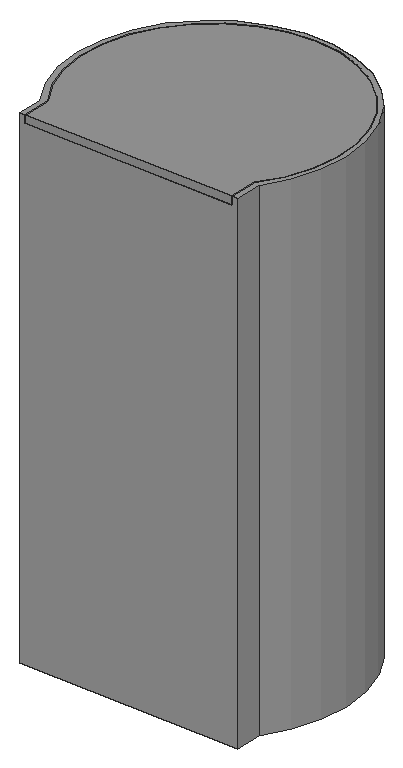
Revit family "3052 Björk Soap dispenser", category Furniture Systems, host Wall, Revit 2018
Family settings
  Host = Wall
  Round Connector Dimension = Use Diameter
  Part Type = Normal
  Always vertical = Yes
  Cut with Voids When Loaded = No
  Shared = No
  Room Calculation Point = No
Parameters (values of type "OSLO")
  URL = "http://www.dandryer.com/en-gb/products/-soapdispensers/3052-bjork--optional-ral-colour--liquid-soap-disinfectant"
  Type Image = <None>
  Surface Top = OSLO
  Surface Front = RAL FARVE
  Model = "Björk-3052"
  Manufacturer = "Dan Dryer"
  Description = "Touch-free Soap dispencer"
  Cost = 0
Types (6, lengths in mm): name | URL | Surface Top | Model
  BIRK | "http://www.dandryer.dk/da-dk/produkter/produktserie-%E2%80%93-bjork/3052-bjork-dispenser-flydende-saebe-desinfektion--valgfri-ral" | BIRK | "Björk-3052Björk-3052"
  GEO WHITE | "http://www.dandryer.dk/da-dk/produkter/produktserie-%E2%80%93-bjork/3052-bjork-dispenser-flydende-saebe-desinfektion--valgfri-ral" | GEO WHITE | "Björk-3052"
  GRIGIO LONDRA | "http://www.dandryer.dk/da-dk/produkter/produktserie-%E2%80%93-bjork/3052-bjork-dispenser-flydende-saebe-desinfektion--valgfri-ral" | GRIGIO LONDRA | "Björk-3052"
  NEGRO INGO | "http://www.dandryer.dk/da-dk/produkter/produktserie-%E2%80%93-bjork/3052-bjork-dispenser-flydende-saebe-desinfektion--valgfri-ral" | NEGRO INGO | "Björk-3002"
  OSLO | "http://www.dandryer.com/en-gb/products/-soapdispensers/3052-bjork--optional-ral-colour--liquid-soap-disinfectant" | OSLO | "Björk-3052"
  BIANCO MALE | "http://www.dandryer.dk/da-dk/produkter/produktserie-%E2%80%93-bjork/3052-bjork-dispenser-flydende-saebe-desinfektion--valgfri-ral" | BIANCO MALE | "Björk-3052"
Reference planes
  plane 1 "Wall": y = 0
  plane 2 "Center (Left/Right)": x = 125
  plane 3 "Back": y = 75
Forms (mm)
  Extrusion 1, solid, material "Blank Hvid", not visible
    sketch origin (0, 0, 0) x (1, 0, 0) y (0, 1, 0)
      loop
        arc (42.212, 95.366) -> (42.426, 94.946) -> (42.5, 94.481) r 1.5
        line (42.5, 94.481) -> (42.5, 75.3) -> (43.7, 75.3) -> (43.7, 94.481)
        arc (43.7, 94.481) -> (43.567, 95.318) -> (43.181, 96.073) r 2.7
        arc (43.181, 96.073) -> (125, 257.1) -> (206.819, 96.073) r 101.3
        arc (206.819, 96.073) -> (206.433, 95.318) -> (206.3, 94.481) r 2.7
        line (206.3, 94.481) -> (206.3, 75.3) -> (207.5, 75.3) -> (207.5, 94.481)
        arc (207.5, 94.481) -> (207.574, 94.946) -> (207.788, 95.366) r 1.5
        arc (207.788, 95.366) -> (125, 258.3) -> (42.212, 95.366) r 102.5
    from 900 to 1230
  Extrusion 2, void, not visible
    sketch origin (207.5, 94.481, 0) x (0, 1, 0) y (0, 0, -1)
      loop
        line (-19.181, -1225) -> (-19.181, -1230) -> (6.154, -1230)
        arc (6.154, -1230) -> (3.068, -1228.36) -> (2.105, -1225) r 4.47
        line (2.105, -1225) -> (-19.181, -1225)
    from -10.952 to 170.161
  Extrusion 3, void, not visible
    sketch origin (207.5, 94.481, 2130) x (0, 1, 0) y (0, 0, -1)
      loop
        line (-19.181, 1225) -> (2.105, 1225)
        arc (2.105, 1225) -> (3.068, 1228.36) -> (6.154, 1230) r 4.47
        line (6.154, 1230) -> (-19.181, 1230) -> (-19.181, 1225)
    from -6 to 179.451
  Extrusion 4, solid, not visible
    sketch origin (207.5, 75.3, 907) x (0, 1, 0) y (-1, 0, 0)
      loop
        line (0, 163.8) -> (0, 1.2) -> (19.181, 1.2)
        arc (19.181, 1.2) -> (20.018, 1.067) -> (20.773, 0.681) r 2.7
        arc (20.773, 0.681) -> (181.8, 82.5) -> (20.773, 164.319) r 101.3
        arc (20.773, 164.319) -> (20.018, 163.933) -> (19.181, 163.8) r 2.7
        line (19.181, 163.8) -> (0, 163.8)
    from 0 to -2
  Extrusion 5, void, not visible
    sketch origin (206.3, 75.3, 0) x (-1, 0, 0) y (0, 0, 1)
      loop
        arc (83.312, 976) -> (81.303, 978.014) -> (79.288, 976) r 2.012
        line (79.288, 976) -> (79.285, 930)
        arc (79.285, 930) -> (81.297, 927.986) -> (83.312, 930) r 2.012
        line (83.312, 930) -> (83.312, 976)
    from 174.915 to 189.234
  Extrusion 6, solid, not visible
    sketch origin (206.3, 75.3, 0) x (1, 0, 0) y (0, 0, 1)
      loop
        line (-83.312, 975.984) -> (-83.312, 930)
        arc (-83.312, 930) -> (-81.291, 928.118) -> (-79.287, 930.016) r 2.015
        line (-79.287, 930.016) -> (-79.288, 976)
        arc (-79.288, 976) -> (-81.309, 977.882) -> (-83.312, 975.984) r 2.015
    from -182.98 to -174.915
  Extrusion 7, solid, material "RAL FARVE", not visible
    sketch origin (0, 0, 0) x (1, 0, 0) y (0, 1, 0)
      loop
        arc (42.212, 95.366) -> (42.426, 94.946) -> (42.5, 94.481) r 1.5
        line (42.5, 94.481) -> (42.5, 75.3) -> (43.7, 75.3) -> (43.7, 94.481)
        arc (43.7, 94.481) -> (43.567, 95.318) -> (43.181, 96.073) r 2.7
        arc (43.181, 96.073) -> (125, 257.1) -> (206.819, 96.073) r 101.3
        arc (206.819, 96.073) -> (206.433, 95.318) -> (206.3, 94.481) r 2.7
        line (206.3, 94.481) -> (206.3, 75.3) -> (207.5, 75.3) -> (207.5, 94.481)
        arc (207.5, 94.481) -> (207.574, 94.946) -> (207.788, 95.366) r 1.5
        arc (207.788, 95.366) -> (125, 258.3) -> (42.212, 95.366) r 102.5
    from 900 to 1230
Text (mm)
  text "Placement Side" at (-1848.837, 1116.779, 0), in view "Ref. Level"
  text "Placement side" at (0, 1409.804, 2854.306), in view "Left"
  text "Placement side" at (0, 499.811, 2980.732), in view "Right"
Dimensions and locks
  locked: plane 3 "Back" to host wall
  aligned and locked: plane 1 "Wall" to host wall
  aligned and locked: plane 3 "Back" to nested 1  (x2)
Nested families
  nested 1: "Master Soap dispenser" at (125, 75, 1100), type "Master Soap dispenser"
Definition of nested family "Master Soap dispenser"
  Parameters (values of type "Master Soap dispenser")
    Surface Top = none
    Surface Front = none
  Reference planes
    plane 1 "Center (Front/Back)": y = 0
    plane 2: z = 0
    plane 3 "Center (Left/Right)": x = 0
  Forms (mm)
    Extrusion 1, solid, material <- "Surface Front"
      sketch origin (0, 0, 0) x (1, 0, 0) y (0, 1, 0)
        loop
          line (-72.636, 16.842) -> (-72.636, 0) -> (73.262, 0) -> (73.262, 17.709)
          arc (73.262, 17.709) -> (-0.534, 159.71) -> (-72.636, 16.842) r 89.899
      from 0 to 330
    Extrusion 2, solid, material <- "Surface Top"
      sketch origin (0, 0, 330) x (1, 0, 0) y (0, 1, 0)
        loop
          arc (69.262, 19.017) -> (0, 156.8) -> (-69.261, 19.017) r 86.3
          line (-69.261, 19.017) -> (-69.261, 0) -> (69.262, 0) -> (69.262, 19.017)
      from 0 to -5
    Extrusion 3, void
      sketch origin (0, 0, 0) x (1, 0, 0) y (0, 1, 0)
        loop
          line (-69.261, 0) -> (69.262, 0) -> (69.262, 19.017)
          arc (69.262, 19.017) -> (0, 156.8) -> (-69.261, 19.017) r 86.3
          line (-69.261, 19.017) -> (-69.261, 0)
      from 325 to 330
  Cuts and joins
    Extrusion 3 cuts Extrusion 1
  Dimensions and locks
    aligned and locked: level to plane 2
